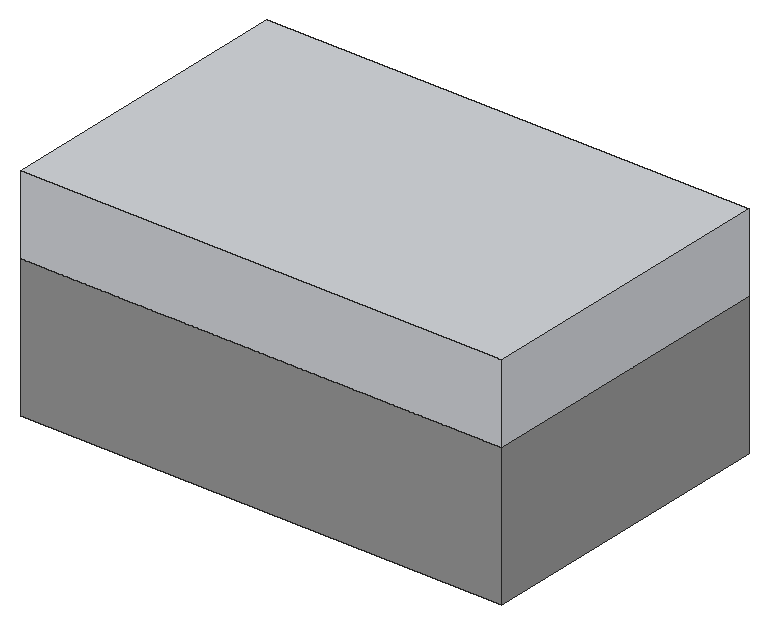
Revit family "aluminiumleergehäuse-Mx 120805SGR", category Generic Models, Revit 2017
Family settings
  Can host rebar = No
  Round Connector Dimension = Use Diameter
  Part Type = Normal
  Work Plane-Based = No
  Always vertical = Yes
  Cut with Voids When Loaded = No
  Shared = No
  Room Calculation Point = No
Parameters (values of type "Mx 120805 SGR")
  Width = 80 mm
  URL = "http://www.obo-bettermann.com"
  Material = Aluminiumdruckguss
  Manufacturer Art.No. = "2011312"
  Manufacturer = "OBO BETTERMANN"
  Length = 125 mm
  Height = 57 mm
  GTIN = "4012196030811"
  Article Type = "Mx 120805 SGR"
Reference planes
  plane 1 "Center (Front/Back)": y = 0
  plane 2: z = 0
  plane 3 "Center (Left/Right)": x = 0
  plane 4: z = 36.5
  plane 5: z = 57
Forms (mm)
  Extrusion 1, solid, material "Aluminiumdruckguss" <- "Material"
    sketch origin (0, 0, 0) x (1, 0, 0) y (0, 1, 0)
      loop
        line (0, 80) -> (0, 0) -> (125, 0) -> (125, 80) -> (0, 80)
    from 0 to 36.5
  Extrusion 2, solid
    sketch origin (0, 0, 0) x (1, 0, 0) y (0, 1, 0)
      loop
        line (0, 80) -> (0, 0) -> (125, 0) -> (125, 80) -> (0, 80)
    from 36.5 to 57
Dimensions and locks
  locked: plane 4 to level at 36.5
  locked: Extrusion 1 to Extrusion 1 at 80
  locked: Extrusion 1 to Extrusion 1 at 125
  locked: Extrusion 2 to level at 57
  aligned and locked: level to plane 2
  aligned and locked: plane 4 to Extrusion 1
  aligned and locked: Extrusion 1 to level
  aligned and locked: Extrusion 2 to Extrusion 1  (x2)
  aligned and locked: plane 1 "Center (Front/Back)" to Extrusion 2
  aligned and locked: Extrusion 2 to plane 3 "Center (Left/Right)"
  aligned and locked: Extrusion 2 to plane 4
  aligned and locked: plane 5 to Extrusion 2
